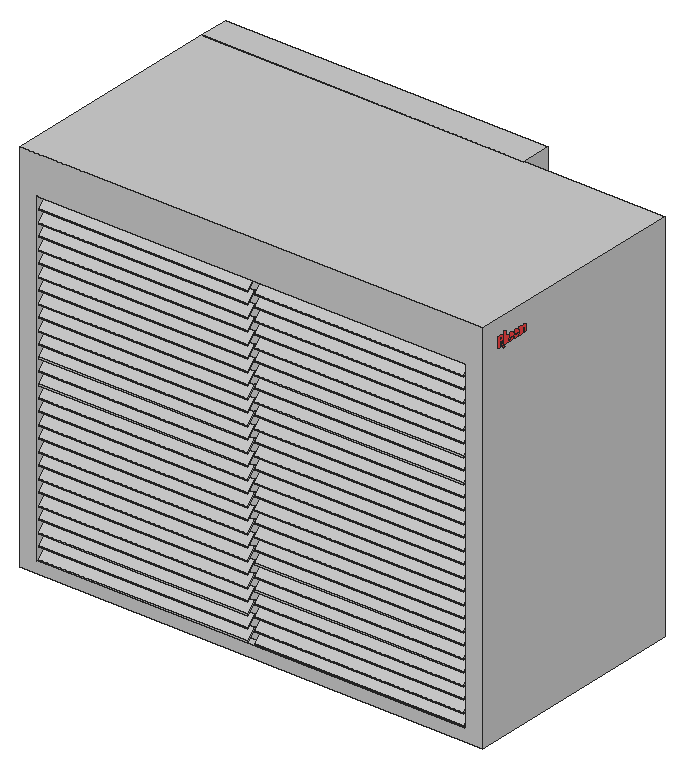
Revit family "DC_Rheem_PLM_HeatPump_952022_Horizontal_12", category Plumbing Fixtures, Revit 2011
Parameters (values of type "Commerical Heat Pump - Ducted")
  Unitheight_ANZRS = 935 mm
  UnitWidth_ANZRS = 565 mm
  UnitDepth_ANZRS [instance] = 1150 mm
  URL = "http://www.rheem.com.au/commercial_product.asp?ProdID=96&cat_id=2\r\n"
  Type Comments = "Output 16 KW @ 20oC/60% RH Recovery 300 L/h  @ 45°C  rise\r\n"
  Materials_ANZRS = Rheem - Joey Grey Steel
  OutletPipeDiameter_ANZRS = OutPipeRadius_ANZRS * 2  # 32 mm
  OutPipeRadius_ANZRS = 16 mm
  Model = "952022\r\n"
  Manufacturer = "Rheem\r\n"
  InletPipeDiameter_ANZRS = InPipeRadius_ANZRS * 2  # 32 mm
  InPipeRadius_ANZRS = 16 mm
  DesignBy_ANZRS = "Design Content ©\r\n"
  Description = "Commerical Heat Pump - Ducted \r\n"
  CondensateDrainPipeDiameter_ANZRS = CDPipeRadius_ANZRS * 2  # 20 mm
  CDPipeRadius_ANZRS = 10 mm
  Author_ANZRS = "DM"
  Assembly Code = ""
Reference planes
  plane 1 "Center (Front/Back)": y = 0
  plane 2: z = 0
  plane 3 "Center (Left/Right)": x = 0
  plane 4 "W1": y = 282.5
  plane 5 "W2": y = -282.5
  plane 6 "W4": x = -575
  plane 7 "W3": x = 575
  plane 8 "CENTER 1": x = -320
  plane 9 "CENTER 2": x = 180
  plane 10: z = 25
  plane 11 "HEIGHT": z = 960
  plane 12 "W11": y = 212.65
  plane 13 "W13": y = 147.65
  plane 14 "W15": y = -212.65
  plane 15 "W14": y = -147.65
  plane 16 "CD1": z = 225
  plane 17 "CD2": z = 555
  plane 18 "CENTER 3": y = -167.65
  plane 19 "w5": x = -545
  plane 20 "W7": x = 545
  plane 21 "H1": z = 53.419
  plane 22 "CENTER 5": y = 180.15
  plane 23 "CENTER 4": y = -180.15
  plane 24: y = -260.438
  plane 25 "W6": x = -527.091
  plane 26 "W9": x = 527.091
  plane 27 "W8": x = 532.091
  plane 28: x = -625
  plane 29: y = 174.5
  plane 30: y = 357.5
  plane 31: z = 30
Forms (mm)
  Extrusion 1, solid, material "Rheem - Joey Grey Steel" <- "Materials_ANZRS"
    sketch origin (0, 0, 0) x (1, 0, 0) y (0, 1, 0)
      loop
        line (-575, 282.5) -> (-575, -260.438) -> (575, -260.438) -> (575, 282.5) -> (-575, 282.5)
    from 25 to 960
  Extrusion 2, solid, material "Rheem - Joey Grey Steel" <- "Materials_ANZRS"
    sketch origin (0, 0, 0) x (0, 1, 0) y (0, 0, 1)
      loop
        circle (-167.65, 555) r 16
      loop
        circle (-167.65, 225) r 16
    from -575 to -625
  Extrusion 3, solid, material "Rheem - Joey Grey Steel" <- "Materials_ANZRS"
    sketch origin (0, 0, 0) x (0, 1, 0) y (0, 0, 1)
      loop
        line (212.65, 0) -> (212.65, 25) -> (147.65, 25) -> (147.65, 0) -> (212.65, 0)
      loop
        line (-147.65, 0) -> (-147.65, 25) -> (-212.65, 25) -> (-212.65, 0) -> (-147.65, 0)
    from -545 to 545
  Extrusion 4, solid, material "Rheem - Joey Grey Steel" <- "Materials_ANZRS"
    sketch origin (0, 0, 0) x (0, 1, 0) y (0, 0, 1)
      loop
        circle (180.15, 53.419) r 10
      loop
        circle (-180.15, 53.419) r 10
    from -575 to -625
  Extrusion 5, solid, material "Rheem - Joey Grey Steel" <- "Materials_ANZRS"
    sketch origin (0, 0, 0) x (0, 1, 0) y (0, 0, 1)
      loop
        line (-260.438, 860.039) -> (-282.5, 837.978) -> (-282.5, 835.579) -> (-260.438, 857.64) -> (-260.438, 860.039)
      loop
        line (-260.438, 830.039) -> (-282.5, 807.978) -> (-282.5, 805.579) -> (-260.438, 827.64) -> (-260.438, 830.039)
      loop
        line (-260.438, 800.039) -> (-282.5, 777.978) -> (-282.5, 775.579) -> (-260.438, 797.64) -> (-260.438, 800.039)
      loop
        line (-260.438, 770.039) -> (-282.5, 747.978) -> (-282.5, 745.579) -> (-260.438, 767.64) -> (-260.438, 770.039)
      loop
        line (-260.438, 740.039) -> (-282.5, 717.978) -> (-282.5, 715.579) -> (-260.438, 737.64) -> (-260.438, 740.039)
      loop
        line (-260.438, 710.039) -> (-282.5, 687.978) -> (-282.5, 685.579) -> (-260.438, 707.64) -> (-260.438, 710.039)
      loop
        line (-260.438, 680.039) -> (-282.5, 657.978) -> (-282.5, 655.579) -> (-260.438, 677.64) -> (-260.438, 680.039)
      loop
        line (-260.438, 650.039) -> (-282.5, 627.978) -> (-282.5, 625.579) -> (-260.438, 647.64) -> (-260.438, 650.039)
      loop
        line (-260.438, 620.039) -> (-282.5, 597.978) -> (-282.5, 595.579) -> (-260.438, 617.64) -> (-260.438, 620.039)
      loop
        line (-260.438, 590.039) -> (-282.5, 567.978) -> (-282.5, 565.579) -> (-260.438, 587.64) -> (-260.438, 590.039)
      loop
        line (-260.438, 560.039) -> (-282.5, 537.978) -> (-282.5, 535.579) -> (-260.438, 557.64) -> (-260.438, 560.039)
      loop
        line (-260.438, 530.039) -> (-282.5, 507.978) -> (-282.5, 505.579) -> (-260.438, 527.64) -> (-260.438, 530.039)
      loop
        line (-260.438, 500.039) -> (-282.5, 477.978) -> (-282.5, 475.579) -> (-260.438, 497.64) -> (-260.438, 500.039)
      loop
        line (-260.438, 470.039) -> (-282.5, 447.978) -> (-282.5, 445.579) -> (-260.438, 467.64) -> (-260.438, 470.039)
      loop
        line (-260.438, 440.039) -> (-282.5, 417.978) -> (-282.5, 415.579) -> (-260.438, 437.64) -> (-260.438, 440.039)
      loop
        line (-260.438, 410.039) -> (-282.5, 387.978) -> (-282.5, 385.579) -> (-260.438, 407.64) -> (-260.438, 410.039)
      loop
        line (-260.438, 380.039) -> (-282.5, 357.978) -> (-282.5, 355.579) -> (-260.438, 377.64) -> (-260.438, 380.039)
      loop
        line (-260.438, 350.039) -> (-282.5, 327.978) -> (-282.5, 325.579) -> (-260.438, 347.64) -> (-260.438, 350.039)
      loop
        line (-260.438, 320.039) -> (-282.5, 297.978) -> (-282.5, 295.579) -> (-260.438, 317.64) -> (-260.438, 320.039)
      loop
        line (-260.438, 290.039) -> (-282.5, 267.978) -> (-282.5, 265.579) -> (-260.438, 287.64) -> (-260.438, 290.039)
      loop
        line (-260.438, 260.039) -> (-282.5, 237.978) -> (-282.5, 235.579) -> (-260.438, 257.64) -> (-260.438, 260.039)
      loop
        line (-260.438, 230.039) -> (-282.5, 207.978) -> (-282.5, 205.579) -> (-260.438, 227.64) -> (-260.438, 230.039)
      loop
        line (-260.438, 200.039) -> (-282.5, 177.978) -> (-282.5, 175.579) -> (-260.438, 197.64) -> (-260.438, 200.039)
      loop
        line (-260.438, 170.039) -> (-282.5, 147.978) -> (-282.5, 145.579) -> (-260.438, 167.64) -> (-260.438, 170.039)
      loop
        line (-260.438, 140.039) -> (-282.5, 117.978) -> (-282.5, 115.579) -> (-260.438, 137.64) -> (-260.438, 140.039)
      loop
        line (-260.438, 110.039) -> (-282.5, 87.978) -> (-282.5, 85.579) -> (-260.438, 107.64) -> (-260.438, 110.039)
      loop
        line (-260.438, 80.039) -> (-282.5, 57.978) -> (-282.5, 55.579) -> (-260.438, 77.64) -> (-260.438, 80.039)
    from -527.091 to -9.296
  Extrusion 6, solid, material "Rheem - Joey Grey Steel" <- "Materials_ANZRS"
    sketch origin (0, 0, 0) x (1, 0, 0) y (0, 0, 1)
      loop
        line (-575, 960) -> (-575, 25) -> (-14.281, 25) -> (575, 25) -> (575, 960) -> (-575, 960)
      loop
        line (-532.091, 53.419) -> (532.091, 53.419) -> (532.091, 865.039) -> (-532.091, 865.039) -> (-532.091, 53.419)
    from 260.438 to 282.5
  Extrusion 7, solid, material "Rheem - Joey Grey Steel" <- "Materials_ANZRS"
    sketch origin (0, 0, 0) x (0, 1, 0) y (0, 0, -1)
      loop
        line (-260.438, -860.039) -> (-260.438, -857.64) -> (-282.5, -835.579) -> (-282.5, -837.978) -> (-260.438, -860.039)
      loop
        line (-260.438, -830.039) -> (-260.438, -827.64) -> (-282.5, -805.579) -> (-282.5, -807.978) -> (-260.438, -830.039)
      loop
        line (-260.438, -800.039) -> (-260.438, -797.64) -> (-282.5, -775.579) -> (-282.5, -777.978) -> (-260.438, -800.039)
      loop
        line (-260.438, -770.039) -> (-260.438, -767.64) -> (-282.5, -745.579) -> (-282.5, -747.978) -> (-260.438, -770.039)
      loop
        line (-260.438, -740.039) -> (-260.438, -737.64) -> (-282.5, -715.579) -> (-282.5, -717.978) -> (-260.438, -740.039)
      loop
        line (-260.438, -710.039) -> (-260.438, -707.64) -> (-282.5, -685.579) -> (-282.5, -687.978) -> (-260.438, -710.039)
      loop
        line (-260.438, -680.039) -> (-260.438, -677.64) -> (-282.5, -655.579) -> (-282.5, -657.978) -> (-260.438, -680.039)
      loop
        line (-260.438, -650.039) -> (-260.438, -647.64) -> (-282.5, -625.579) -> (-282.5, -627.978) -> (-260.438, -650.039)
      loop
        line (-260.438, -620.039) -> (-260.438, -617.64) -> (-282.5, -595.579) -> (-282.5, -597.978) -> (-260.438, -620.039)
      loop
        line (-260.438, -590.039) -> (-260.438, -587.64) -> (-282.5, -565.579) -> (-282.5, -567.978) -> (-260.438, -590.039)
      loop
        line (-260.438, -560.039) -> (-260.438, -557.64) -> (-282.5, -535.579) -> (-282.5, -537.978) -> (-260.438, -560.039)
      loop
        line (-260.438, -530.039) -> (-260.438, -527.64) -> (-282.5, -505.579) -> (-282.5, -507.978) -> (-260.438, -530.039)
      loop
        line (-260.438, -500.039) -> (-260.438, -497.64) -> (-282.5, -475.579) -> (-282.5, -477.978) -> (-260.438, -500.039)
      loop
        line (-260.438, -470.039) -> (-260.438, -467.64) -> (-282.5, -445.579) -> (-282.5, -447.978) -> (-260.438, -470.039)
      loop
        line (-260.438, -440.039) -> (-260.438, -437.64) -> (-282.5, -415.579) -> (-282.5, -417.978) -> (-260.438, -440.039)
      loop
        line (-260.438, -410.039) -> (-260.438, -407.64) -> (-282.5, -385.579) -> (-282.5, -387.978) -> (-260.438, -410.039)
      loop
        line (-260.438, -380.039) -> (-260.438, -377.64) -> (-282.5, -355.579) -> (-282.5, -357.978) -> (-260.438, -380.039)
      loop
        line (-260.438, -350.039) -> (-260.438, -347.64) -> (-282.5, -325.579) -> (-282.5, -327.978) -> (-260.438, -350.039)
      loop
        line (-260.438, -320.039) -> (-260.438, -317.64) -> (-282.5, -295.579) -> (-282.5, -297.978) -> (-260.438, -320.039)
      loop
        line (-260.438, -290.039) -> (-260.438, -287.64) -> (-282.5, -265.579) -> (-282.5, -267.978) -> (-260.438, -290.039)
      loop
        line (-260.438, -260.039) -> (-260.438, -257.64) -> (-282.5, -235.579) -> (-282.5, -237.978) -> (-260.438, -260.039)
      loop
        line (-260.438, -230.039) -> (-260.438, -227.64) -> (-282.5, -205.579) -> (-282.5, -207.978) -> (-260.438, -230.039)
      loop
        line (-260.438, -200.039) -> (-260.438, -197.64) -> (-282.5, -175.579) -> (-282.5, -177.978) -> (-260.438, -200.039)
      loop
        line (-260.438, -170.039) -> (-260.438, -167.64) -> (-282.5, -145.579) -> (-282.5, -147.978) -> (-260.438, -170.039)
      loop
        line (-260.438, -140.039) -> (-260.438, -137.64) -> (-282.5, -115.579) -> (-282.5, -117.978) -> (-260.438, -140.039)
      loop
        line (-260.438, -110.039) -> (-260.438, -107.64) -> (-282.5, -85.579) -> (-282.5, -87.978) -> (-260.438, -110.039)
      loop
        line (-260.438, -80.039) -> (-260.438, -77.64) -> (-282.5, -55.579) -> (-282.5, -57.978) -> (-260.438, -80.039)
    from -527.091 to -9.296
  Extrusion 8, solid, material "Rheem - Joey Grey Steel" <- "Materials_ANZRS"
    sketch origin (575, 0, 960) x (0, 0, -1) y (0, 1, 0)
      loop
        circle (286.023, 174.5) r 0.5
    from 0 to -1
  Extrusion 9, solid, material "Rheem - Joey Grey Steel" <- "Materials_ANZRS"
    sketch origin (575, 0, 960) x (0, 0, -1) y (0, 1, 0)
      loop
        circle (336.023, 174.5) r 0.5
    from 0 to -1
  Extrusion 10, solid, material "Rheem - Joey Grey Steel" <- "Materials_ANZRS"
    sketch origin (575, 0, 960) x (0, 0, -1) y (0, 1, 0)
      loop
        circle (311.023, 174.5) r 0.5
    from 0 to -1
  Extrusion 11, solid, material "Rheem - Joey Grey Steel" <- "Materials_ANZRS"
    sketch origin (575, 0, 960) x (0, 0, -1) y (0, 1, 0)
      loop
        circle (361.023, 174.5) r 0.5
    from 0 to -1
  Extrusion 12, solid, material "Rheem - Joey Grey Steel" <- "Materials_ANZRS"
    sketch origin (0, 0, 960) x (-1, 0, 0) y (0, -1, 0)
      loop
        line (575, -282.5) -> (-225, -282.5) -> (-225, -357.5) -> (575, -357.5) -> (575, -282.5)
    from 0 to -930
Cuts and joins
  joined: Extrusion 1, Extrusion 6
Lines and regions (mm)
  Masking region 1
    outline origin (0, 0, 0) x (1, 0, 0) y (0, 1, 0)
      loop
        line (575, 282.5) -> (-575, 282.5) -> (-575, -282.5) -> (575, -282.5) -> (575, 282.5)
  Masking region 2
    outline origin (0, 0, 0) x (1, 0, 0) y (0, 0, 1)
      loop
        line (-575, 960) -> (-575, 25) -> (-545, 25) -> (-545, 0) -> (545, 0) -> (545, 25) -> (575, 25) -> (575, 960) -> (-575, 960)
  Masking region 3
    outline origin (0, 0, 0) x (0, 1, 0) y (0, 0, 1)
      loop
        line (282.5, 25) -> (282.5, 960) -> (-282.5, 960) -> (-282.5, 25) -> (-212.65, 25) -> (-212.65, 0) -> (-147.65, 0) -> (-147.65, 25) -> (147.65, 25) -> (147.65, 0) -> (212.65, 0) -> (212.65, 25) -> (282.5, 25)
  Masking region 4
    outline origin (0, 0, 0) x (1, 0, 0) y (0, 1, 0)
      loop
        line (-575, 282.5) -> (-575, -282.5) -> (575, -282.5) -> (575, 282.5) -> (-575, 282.5)
  symbolic lines, style "Rheem - Heat Pump", detail levels fine
    curve 1: line (575, 282.5, 0) -> (-575, 282.5, 0)
    curve 2: line (-575, 282.5, 0) -> (-575, -282.5, 0)
    curve 3: line (-575, -282.5, 0) -> (575, -282.5, 0)
    curve 4: line (575, -282.5, 0) -> (575, 282.5, 0)
    curve 5: line (-625, 190.15, 0) -> (-625, 170.15, 0)
    curve 6: line (-625, 170.15, 0) -> (-575, 170.15, 0)
    curve 7: line (-625, 190.15, 0) -> (-575, 190.15, 0)
    curve 8: line (-625, -147.65, 0) -> (-625, -180.15, 0)
    curve 9: line (-625, -180.15, 0) -> (-575, -180.15, 0)
    curve 10: line (-625, -147.65, 0) -> (-575, -147.65, 0)
    curve 80: spline (-239.25, 284.125, 960) -> (-230.886, 283.929, 960) -> (-222.569, 283.441, 960) -> (-214.342, 282.662, 960) -> (-206.244, 281.597, 960) -> (-198.315, 280.252, 960) -> (-190.593, 278.632, 960) -> (-183.118, 276.745, 960) -> (-175.925, 274.602, 960) -> (-169.05, 272.212, 960) -> (-162.527, 269.587, 960) -> (-156.388, 266.74, 960) -> (-150.662, 263.685, 960)
    curve 81: spline (-84.717, 293.021, 960) -> (-85.75, 288.975, 960) -> (-87.825, 285.031, 960) -> (-90.908, 281.256, 960) -> (-94.946, 277.712, 960) -> (-99.871, 274.461, 960) -> (-105.598, 271.558, 960) -> (-112.032, 269.051, 960) -> (-119.063, 266.984, 960) -> (-126.571, 265.391, 960) -> (-134.43, 264.299, 960) -> (-142.506, 263.727, 960) -> (-150.662, 263.685, 960)
    curve 82: line (-84.717, 332.764, 960) -> (-84.717, 293.021, 960)
    curve 83: spline (-110.133, 345.472, 960) -> (-106.816, 345.364, 960) -> (-103.555, 345.039, 960) -> (-100.407, 344.505, 960) -> (-97.425, 343.77, 960) -> (-94.661, 342.846, 960) -> (-92.161, 341.75, 960) -> (-89.969, 340.501, 960) -> (-88.122, 339.118, 960) -> (-86.651, 337.627, 960) -> (-85.583, 336.053, 960) -> (-84.934, 334.423, 960) -> (-84.717, 332.764, 960)
    curve 84: spline (-239.25, 333.487, 960) -> (-234.591, 335.253, 960) -> (-229.751, 336.893, 960) -> (-224.742, 338.401, 960) -> (-219.579, 339.773, 960) -> (-214.277, 341.005, 960) -> (-208.851, 342.094, 960) -> (-203.316, 343.037, 960) -> (-197.689, 343.83, 960) -> (-191.984, 344.472, 960) -> (-186.22, 344.96, 960) -> (-180.411, 345.294, 960) -> (-174.575, 345.472, 960)
    curve 85: line (-239.25, 284.125, 960) -> (-239.25, 347.667, 960)
    curve 86: line (-254.5, 263.792, 960) -> (-239.25, 284.125, 960)
    curve 87: line (-376.5, 263.792, 960) -> (-254.5, 263.792, 960)
    curve 88: line (-391.75, 284.125, 960) -> (-376.5, 263.792, 960)
    curve 89: spline (-480.151, 263.792, 960) -> (-474.427, 266.832, 960) -> (-468.293, 269.664, 960) -> (-461.779, 272.276, 960) -> (-454.915, 274.653, 960) -> (-447.737, 276.785, 960) -> (-440.277, 278.661, 960) -> (-432.575, 280.273, 960) -> (-424.665, 281.611, 960) -> (-416.589, 282.67, 960) -> (-408.384, 283.444, 960) -> (-400.091, 283.93, 960) -> (-391.75, 284.125, 960)
    curve 90: spline (-489.968, 263.792, 960) -> (-497.231, 264.37, 960) -> (-504.309, 265.37, 960) -> (-511.103, 266.778, 960) -> (-517.52, 268.574, 960) -> (-523.472, 270.734, 960) -> (-528.877, 273.228, 960) -> (-533.659, 276.022, 960) -> (-537.754, 279.076, 960) -> (-541.105, 282.35, 960) -> (-543.665, 285.797, 960) -> (-545.399, 289.37, 960) -> (-546.283, 293.021, 960)
    curve 91: line (-489.968, 263.792, 960) -> (-480.151, 263.792, 960)
    curve 92: line (-546.283, 293.021, 960) -> (-546.283, 332.764, 960)
    curve 93: spline (-546.283, 332.764, 960) -> (-546.066, 334.423, 960) -> (-545.417, 336.053, 960) -> (-544.349, 337.627, 960) -> (-542.878, 339.118, 960) -> (-541.031, 340.501, 960) -> (-538.839, 341.75, 960) -> (-536.339, 342.846, 960) -> (-533.575, 343.77, 960) -> (-530.593, 344.505, 960) -> (-527.445, 345.039, 960) -> (-524.184, 345.364, 960) -> (-520.867, 345.472, 960)
    curve 94: spline (-456.425, 345.472, 960) -> (-450.589, 345.294, 960) -> (-444.78, 344.96, 960) -> (-439.016, 344.472, 960) -> (-433.311, 343.83, 960) -> (-427.684, 343.037, 960) -> (-422.149, 342.094, 960) -> (-416.723, 341.005, 960) -> (-411.421, 339.773, 960) -> (-406.258, 338.401, 960) -> (-401.249, 336.893, 960) -> (-396.409, 335.253, 960) -> (-391.75, 333.487, 960)
    curve 95: line (-520.867, 345.472, 960) -> (-456.425, 345.472, 960)
    curve 96: line (-110.133, 345.472, 960) -> (-174.575, 345.472, 960)
    curve 97: line (-391.75, 284.125, 960) -> (-239.25, 284.125, 960)
    curve 98: line (-391.75, 347.667, 960) -> (-391.75, 284.125, 960)
    curve 99: line (-239.25, 347.667, 960) -> (-391.75, 347.667, 960)
    curve 100: line (-376.5, 357.5, 960) -> (-391.75, 347.667, 960)
    curve 101: line (-254.5, 357.5, 960) -> (-376.5, 357.5, 960)
    curve 102: line (-239.25, 347.667, 960) -> (-254.5, 357.5, 960)
    curve 103: line (-114.5, 263.792, 960) -> (7.5, 263.792, 960)
    curve 104: line (-88.462, 284.125, 960) -> (22.75, 284.125, 960)
    curve 105: line (7.5, 263.792, 960) -> (22.75, 284.125, 960)
    curve 106: line (22.75, 284.125, 960) -> (22.75, 347.667, 960)
    curve 107: line (-129.75, 347.667, 960) -> (22.75, 347.667, 960)
    curve 108: line (22.75, 347.667, 960) -> (7.5, 357.5, 960)
    curve 109: spline (22.75, 333.487, 960) -> (27.409, 335.253, 960) -> (32.249, 336.893, 960) -> (37.258, 338.401, 960) -> (42.421, 339.773, 960) -> (47.723, 341.005, 960) -> (53.149, 342.094, 960) -> (58.684, 343.037, 960) -> (64.311, 343.83, 960) -> (70.016, 344.472, 960) -> (75.78, 344.96, 960) -> (81.589, 345.294, 960) -> (87.425, 345.472, 960)
    curve 110: line (151.867, 345.472, 960) -> (87.425, 345.472, 960)
    curve 111: spline (151.867, 345.472, 960) -> (155.184, 345.364, 960) -> (158.445, 345.039, 960) -> (161.593, 344.505, 960) -> (164.575, 343.77, 960) -> (167.339, 342.846, 960) -> (169.839, 341.75, 960) -> (172.031, 340.501, 960) -> (173.878, 339.118, 960) -> (175.349, 337.627, 960) -> (176.417, 336.053, 960) -> (177.066, 334.423, 960) -> (177.283, 332.764, 960)
    curve 112: line (177.283, 332.764, 960) -> (177.283, 293.021, 960)
    curve 113: spline (177.283, 293.021, 960) -> (176.399, 289.37, 960) -> (174.665, 285.797, 960) -> (172.105, 282.35, 960) -> (168.754, 279.076, 960) -> (164.659, 276.022, 960) -> (159.877, 273.228, 960) -> (154.472, 270.734, 960) -> (148.52, 268.574, 960) -> (142.103, 266.778, 960) -> (135.309, 265.37, 960) -> (128.231, 264.37, 960) -> (120.968, 263.792, 960)
    curve 114: spline (22.75, 284.125, 960) -> (31.091, 283.93, 960) -> (39.384, 283.444, 960) -> (47.589, 282.67, 960) -> (55.665, 281.611, 960) -> (63.575, 280.273, 960) -> (71.277, 278.661, 960) -> (78.737, 276.785, 960) -> (85.915, 274.653, 960) -> (92.779, 272.276, 960) -> (99.293, 269.664, 960) -> (105.427, 266.832, 960) -> (111.151, 263.792, 960)
    curve 115: line (120.968, 263.792, 960) -> (111.151, 263.792, 960)
    curve 116: line (-114.5, 263.792, 960) -> (-117.5, 267.792, 960)
    curve 117: line (-129.75, 347.667, 960) -> (-114.5, 357.5, 960)
    curve 118: line (-129.75, 347.667, 960) -> (-129.75, 345.472, 960)
    curve 119: line (-114.5, 357.5, 960) -> (7.5, 357.5, 960)
  symbolic lines, detail levels fine
    curve 11: line (-575, 0, 960) -> (-575, 0, 25)
    curve 12: line (575, 0, 960) -> (-575, 0, 960)
    curve 13: line (575, 0, 25) -> (575, 0, 960)
    curve 14: line (-575, 0, 25) -> (575, 0, 25)
    curve 15: line (-545, 0, 0) -> (545, 0, 0)
    curve 16: line (545, 0, 0) -> (545, 0, 25)
    curve 17: line (-545, 0, 25) -> (-545, 0, 0)
    curve 18: line (-625, 0, 63.419) -> (-625, 0, 43.419)
    curve 19: line (-625, 0, 571) -> (-625, 0, 538.877)
    curve 20: line (-625, 0, 241) -> (-625, 0, 209)
    curve 21: line (-625, 0, 571) -> (-575, 0, 571)
    curve 22: line (-625, 0, 538.877) -> (-575, 0, 538.877)
    curve 23: line (-625, 0, 241) -> (-575, 0, 241)
    curve 24: line (-625, 0, 209) -> (-575, 0, 209)
    curve 25: line (-625, 0, 63.419) -> (-575, 0, 63.419)
    curve 26: line (-625, 0, 43.419) -> (-575, 0, 43.419)
    curve 27: line (0, 282.5, 25) -> (0, 282.5, 960)
    curve 28: line (0, 282.5, 960) -> (0, -282.5, 960)
    curve 29: line (0, -282.5, 960) -> (0, -282.5, 25)
    curve 30: line (0, -282.5, 25) -> (0, 282.5, 25)
    curve 31: line (0, 212.65, 0) -> (0, 212.65, 25)
    curve 32: line (0, 147.65, 0) -> (0, 212.65, 0)
    curve 33: line (0, 147.65, 25) -> (0, 147.65, 0)
    curve 34: line (0, -147.65, 0) -> (0, -147.65, 25)
    curve 35: line (0, -212.65, 0) -> (0, -147.65, 0)
    curve 36: line (0, -212.65, 25) -> (0, -212.65, 0)
    curve 37: arc (0, -170.15, 53.419) -> (0, -180.15, 43.419) -> (0, -190.15, 53.419) r 10
    curve 38: arc (0, -190.15, 53.419) -> (0, -180.15, 63.419) -> (0, -170.15, 53.419) r 10
    curve 39: arc (0, 190.15, 53.419) -> (0, 180.15, 43.419) -> (0, 170.15, 53.419) r 10
    curve 40: arc (0, 170.15, 53.419) -> (0, 180.15, 63.419) -> (0, 190.15, 53.419) r 10
    curve 41: arc (0, -151.65, 225) -> (0, -167.65, 209) -> (0, -183.65, 225) r 16
    curve 42: arc (0, -183.65, 225) -> (0, -167.65, 241) -> (0, -151.65, 225) r 16
    curve 43: arc (0, -151.65, 555) -> (0, -167.65, 539) -> (0, -183.65, 555) r 16
    curve 44: arc (0, -183.65, 555) -> (0, -167.65, 571) -> (0, -151.65, 555) r 16
    curve 45: arc (0, 296.406, 550.722) -> (0, 307.641, 604.96) -> (0, 308.385, 660.345) r 290.723
    curve 46: arc (0, 346.225, 660.345) -> (0, 357.589, 578.531) -> (0, 342.5, 497.321) r 257.845
    curve 47: line (0, 342.5, 497.321) -> (0, 307.775, 497.321)
    curve 48: arc (0, 307.775, 497.321) -> (0, 298.288, 523.212) -> (0, 296.406, 550.722) r 97.782
    curve 49: line (0, 296.406, 889.919) -> (0, 307.775, 943.321)
    curve 50: line (0, 307.775, 943.321) -> (0, 342.5, 943.321)
    curve 51: arc (0, 296.406, 889.919) -> (0, 307.626, 835.814) -> (0, 308.407, 780.562) r 290.723
    curve 52: arc (0, 346.307, 780.562) -> (0, 357.586, 862.25) -> (0, 342.5, 943.321) r 257.845
    curve 53: line (0, 357.5, 771.722) -> (0, 357.5, 669.101)
    curve 54: line (0, 293.67, 771.712) -> (0, 293.67, 669.101)
    curve 55: line (0, 293.67, 669.101) -> (0, 302.426, 660.345)
    curve 56: line (0, 302.519, 660.252) -> (0, 302.519, 780.562)
    curve 57: line (0, 293.67, 771.712) -> (0, 302.519, 780.562)
    curve 58: line (0, 302.519, 780.562) -> (0, 348.66, 780.562)
    curve 59: line (0, 348.66, 780.562) -> (0, 357.5, 771.722)
    curve 60: line (0, 357.5, 669.101) -> (0, 348.743, 660.345)
    curve 61: line (0, 348.743, 660.345) -> (0, 302.426, 660.345)
    curve 62: line (0, 348.66, 780.562) -> (0, 348.66, 660.345)
    curve 63: arc (0, 296.406, 175.722) -> (0, 307.641, 229.96) -> (0, 308.385, 285.345) r 290.723
    curve 64: arc (0, 346.225, 285.345) -> (0, 357.589, 203.531) -> (0, 342.5, 122.321) r 257.845
    curve 65: line (0, 342.5, 122.321) -> (0, 307.775, 122.321)
    curve 66: arc (0, 307.775, 122.321) -> (0, 298.288, 148.212) -> (0, 296.406, 175.722) r 97.782
    curve 67: line (0, 296.406, 514.919) -> (0, 296.873, 531.653)
    curve 68: arc (0, 296.406, 514.919) -> (0, 307.626, 460.814) -> (0, 308.407, 405.562) r 290.723
    curve 69: arc (0, 346.307, 405.562) -> (0, 357.358, 468.807) -> (0, 352.441, 532.821) r 257.845
    curve 70: line (0, 357.5, 396.722) -> (0, 357.5, 294.101)
    curve 71: line (0, 293.67, 396.712) -> (0, 293.67, 294.101)
    curve 72: line (0, 293.67, 294.101) -> (0, 302.519, 285.252)
    curve 73: line (0, 302.519, 285.252) -> (0, 302.519, 405.562)
    curve 74: line (0, 293.67, 396.712) -> (0, 302.519, 405.562)
    curve 75: line (0, 302.519, 405.562) -> (0, 348.66, 405.562)
    curve 76: line (0, 348.66, 405.562) -> (0, 357.5, 396.722)
    curve 77: line (0, 357.5, 294.101) -> (0, 348.743, 285.345)
    curve 78: line (0, 348.743, 285.345) -> (0, 302.426, 285.345)
    curve 79: line (0, 348.66, 405.562) -> (0, 348.66, 285.345)
  model lines, style "Rheem - Heat Pump"
    curve 120: circle (-43.953, 357.5, 695.321) r 244 normal (0, 1, 0)
    curve 121: line (-87.712, 357.5, 755.063) -> (-77.385, 357.5, 873.111)
    curve 122: arc (-77.385, 357.5, 873.111) -> (-60.138, 357.5, 906.241) -> (-24.517, 357.5, 917.472) r 48.8
    curve 123: line (-24.517, 357.5, 917.472) -> (24.097, 357.5, 913.219)
    curve 124: line (24.097, 357.5, 913.219) -> (9.516, 357.5, 746.557)
    curve 125: line (-95.189, 357.5, 748.79) -> (-261.851, 357.5, 763.371)
    curve 126: line (-261.851, 357.5, 763.371) -> (-266.104, 357.5, 714.756)
    curve 127: arc (-266.104, 357.5, 714.756) -> (-254.873, 357.5, 679.135) -> (-221.743, 357.5, 661.889) r 48.8
    curve 128: line (-221.743, 357.5, 661.889) -> (-103.695, 357.5, 651.561)
    curve 129: line (-97.422, 357.5, 644.084) -> (-112.003, 357.5, 482.558)
    curve 130: line (-112.003, 357.5, 482.558) -> (-63.389, 357.5, 478.169)
    curve 131: arc (-63.389, 357.5, 478.169) -> (-27.767, 357.5, 489.401) -> (-10.521, 357.5, 522.53) r 48.8
    curve 132: line (-10.521, 357.5, 522.53) -> (-0.193, 357.5, 635.578)
    curve 133: line (15.79, 357.5, 739.08) -> (133.837, 357.5, 728.752)
    curve 134: arc (133.837, 357.5, 728.752) -> (166.967, 357.5, 711.506) -> (178.199, 357.5, 675.885) r 48.8
    curve 135: line (178.199, 357.5, 675.885) -> (173.945, 357.5, 627.271)
    curve 136: line (173.945, 357.5, 627.271) -> (7.283, 357.5, 641.852)
    curve 137: circle (-43.953, 357.5, 695.321) r 206 normal (0, 1, 0)
    curve 138: circle (-43.953, 357.5, 695.321) r 168 normal (0, 1, 0)
    curve 139: circle (-43.953, 357.5, 695.321) r 130 normal (0, 1, 0)
    curve 140: circle (-43.953, 357.5, 695.321) r 92 normal (0, 1, 0)
    curve 141: circle (-43.953, 357.5, 695.321) r 54 normal (0, 1, 0)
    curve 142: circle (-243.599, 357.5, 527.797) r 4.88 normal (0, 1, 0)
    curve 143: circle (123.57, 357.5, 495.674) r 4.88 normal (0, 1, 0)
    curve 144: line (-5.646, 357.5, 657.26) -> (127.309, 357.5, 498.811)
    curve 145: line (-13.123, 357.5, 650.987) -> (119.832, 357.5, 492.537)
    curve 146: line (-82.013, 357.5, 657.014) -> (-240.463, 357.5, 524.059)
    curve 147: line (-88.287, 357.5, 664.49) -> (-246.736, 357.5, 531.536)
    curve 148: line (-74.783, 357.5, 739.655) -> (-207.738, 357.5, 898.104)
    curve 149: line (-82.26, 357.5, 733.381) -> (-215.214, 357.5, 891.83)
    curve 150: circle (-211.476, 357.5, 894.967) r 4.88 normal (0, 1, 0)
    curve 151: line (-5.893, 357.5, 733.627) -> (152.557, 357.5, 866.582)
    curve 152: line (0.381, 357.5, 726.151) -> (158.83, 357.5, 859.106)
    curve 153: circle (155.694, 357.5, 862.844) r 4.88 normal (0, 1, 0)
    curve 154: circle (-305.953, 357.5, 284.321) r 244 normal (0, 1, 0)
    curve 155: line (-349.712, 357.5, 343.577) -> (-339.385, 357.5, 457.111)
    curve 156: arc (-339.385, 357.5, 457.111) -> (-322.138, 357.5, 490.241) -> (-286.517, 357.5, 501.472) r 48.8
    curve 157: line (-286.517, 357.5, 501.472) -> (-237.903, 357.5, 497.084)
    curve 158: line (-237.903, 357.5, 497.084) -> (-252.484, 357.5, 335.557)
    curve 159: line (-357.189, 357.5, 337.303) -> (-523.851, 357.5, 347.371)
    curve 160: line (-523.851, 357.5, 347.371) -> (-528.104, 357.5, 276.96)
    curve 161: arc (-528.104, 357.5, 276.96) -> (-516.873, 357.5, 241.338) -> (-483.743, 357.5, 224.092) r 48.8
    curve 162: line (-483.743, 357.5, 224.092) -> (-365.695, 357.5, 240.561)
    curve 163: line (-359.422, 357.5, 233.084) -> (-374.003, 357.5, 66.422)
    curve 164: line (-374.003, 357.5, 66.422) -> (-325.389, 357.5, 62.169)
    curve 165: arc (-325.389, 357.5, 62.169) -> (-289.767, 357.5, 73.401) -> (-272.521, 357.5, 106.53) r 48.8
    curve 166: line (-272.521, 357.5, 106.53) -> (-262.193, 357.5, 224.578)
    curve 167: line (-246.21, 357.5, 328.08) -> (-128.163, 357.5, 317.752)
    curve 168: arc (-128.163, 357.5, 317.752) -> (-95.033, 357.5, 300.506) -> (-83.801, 357.5, 264.885) r 48.8
    curve 169: line (-83.801, 357.5, 264.885) -> (-88.055, 357.5, 216.271)
    curve 170: line (-88.055, 357.5, 216.271) -> (-254.717, 357.5, 230.852)
    curve 171: circle (-305.953, 357.5, 284.321) r 206 normal (0, 1, 0)
    curve 172: circle (-305.953, 357.5, 284.321) r 168 normal (0, 1, 0)
    curve 173: circle (-305.953, 357.5, 284.321) r 130 normal (0, 1, 0)
    curve 174: circle (-305.953, 357.5, 284.321) r 92 normal (0, 1, 0)
    curve 175: circle (-305.953, 357.5, 284.321) r 54 normal (0, 1, 0)
    curve 176: circle (-505.599, 357.5, 116.797) r 4.88 normal (0, 1, 0)
    curve 177: circle (-138.43, 357.5, 84.674) r 4.88 normal (0, 1, 0)
    curve 178: line (-267.646, 357.5, 246.26) -> (-134.691, 357.5, 87.811)
    curve 179: line (-275.123, 357.5, 239.987) -> (-142.168, 357.5, 81.537)
    curve 180: line (-344.013, 357.5, 246.014) -> (-502.463, 357.5, 113.059)
    curve 181: line (-350.287, 357.5, 253.49) -> (-508.736, 357.5, 120.536)
    curve 182: line (-336.783, 357.5, 328.655) -> (-469.738, 357.5, 482.104)
    curve 183: line (-344.26, 357.5, 322.381) -> (-477.214, 357.5, 475.83)
    curve 184: circle (-473.476, 357.5, 478.967) r 4.88 normal (0, 1, 0)
    curve 185: line (-267.893, 357.5, 322.627) -> (-109.443, 357.5, 455.582)
    curve 186: line (-261.619, 357.5, 315.151) -> (-103.17, 357.5, 448.106)
    curve 187: circle (-106.306, 357.5, 451.844) r 4.88 normal (0, 1, 0)
Dimensions and locks
  equal spacing: plane 6 "W4", plane 3 "Center (Left/Right)", plane 7 "W3"
  equal spacing: plane 4 "W1", plane 1 "Center (Front/Back)", plane 5 "W2"
  "UnitWidth_ANZRS": plane 4 "W1" to plane 5 "W2"
  "UnitDepth_ANZRS": plane 6 "W4" to plane 7 "W3"
  plane 6 "W4" to plane 8 "CENTER 1" = 255 mm
  plane 9 "CENTER 2" to plane 7 "W3" = 395 mm
  plane 8 "CENTER 1" to plane 9 "CENTER 2" = 500 mm
  "Unitheight_ANZRS": plane 11 "HEIGHT" to plane 10
  plane 10 to level = 25 mm
  plane 12 "W11" to plane 13 "W13" = 65 mm
  plane 15 "W14" to plane 14 "W15" = 65 mm
  plane 16 "CD1" to plane 10 = 200 mm
  plane 17 "CD2" to plane 10 = 530 mm
  locked: plane 19 "w5" to plane 6 "W4" at 30
  locked: plane 7 "W3" to plane 20 "W7" at 30
  plane 28 to plane 19 "w5" = 80 mm
  plane 21 "H1" to level = 53.419 mm
  plane 4 "W1" to plane 5 "W2" = 565 mm
  plane 30 to plane 5 "W2" = 640 mm
  plane 30 to plane 4 "W1" = 75 mm
  Extrusion 12 to Extrusion 12 = 800 mm
  plane 11 "HEIGHT" to plane 31 = 930 mm
  plane 11 "HEIGHT" to plane 10 = 935 mm
  "OutPipeRadius_ANZRS": radius of Extrusion 2 sketch curve
  "InPipeRadius_ANZRS": radius of Extrusion 2 sketch curve
  "CDPipeRadius_ANZRS": radius of Extrusion 4 sketch curve  (x2)
  aligned and locked: level to plane 2
  aligned and locked: Extrusion 1 sketch curve to plane 4 "W1"
  aligned and locked: Extrusion 1 sketch curve to plane 6 "W4"
  aligned and locked: Extrusion 1 sketch curve to plane 7 "W3"
  aligned and locked: plane 11 "HEIGHT" to Extrusion 1
  aligned and locked: Extrusion 1 to plane 10
  aligned and locked: plane 17 "CD2" to Extrusion 2 sketch curve
  aligned and locked: plane 18 "CENTER 3" to Extrusion 2 sketch curve  (x2)
  aligned and locked: plane 16 "CD1" to Extrusion 2 sketch curve
  aligned: Extrusion 2 to plane 7 "W3"
  aligned and locked: level to Extrusion 3 sketch curve  (x2)
  aligned and locked: plane 12 "W11" to Extrusion 3 sketch curve
  aligned and locked: Extrusion 3 sketch curve to plane 10  (x2)
  aligned and locked: Extrusion 3 sketch curve to plane 13 "W13"
  aligned and locked: Extrusion 3 sketch curve to plane 15 "W14"
  aligned and locked: plane 14 "W15" to Extrusion 3 sketch curve
  aligned and locked: Extrusion 3 to plane 19 "w5"
  aligned and locked: Extrusion 3 to plane 20 "W7"
  aligned and locked: plane 22 "CENTER 5" to Extrusion 4 sketch curve
  aligned and locked: plane 21 "H1" to Extrusion 4 sketch curve  (x2)
  aligned and locked: plane 23 "CENTER 4" to Extrusion 4 sketch curve
  aligned and locked: Extrusion 4 to Extrusion 2
  aligned: Extrusion 4 to plane 7 "W3"
  aligned and locked: plane 5 "W2" to Extrusion 6
  aligned and locked: plane 26 "W9" to Extrusion 7
  aligned and locked: Extrusion 6 to plane 27 "W8"
  aligned and locked: Extrusion 6 sketch curve to plane 21 "H1"
  aligned and locked: Extrusion 2 to plane 6 "W4"
  aligned and locked: plane 28 to Extrusion 2
  aligned and locked: Extrusion 4 to plane 6 "W4"
  aligned and locked: plane 28 to Extrusion 4
  aligned and locked: curve 1 to cut or joined group of Extrusion 1, Extrusion 6
  aligned and locked: cut or joined group of Extrusion 1, Extrusion 6 to curve 2
  aligned and locked: curve 3 to cut or joined group of Extrusion 1, Extrusion 6
  aligned and locked: curve 4 to cut or joined group of Extrusion 1, Extrusion 6
  aligned and locked: curve 11 to cut or joined group of Extrusion 1, Extrusion 6
  aligned and locked: curve 12 to cut or joined group of Extrusion 1, Extrusion 6
  aligned and locked: curve 13 to cut or joined group of Extrusion 1, Extrusion 6
  aligned and locked: curve 14 to cut or joined group of Extrusion 1, Extrusion 6
  aligned and locked: curve 18 to Extrusion 4
  aligned and locked: curve 19 to Extrusion 2
  aligned and locked: Masking region 1 sketch curve to curve 1
  aligned and locked: Masking region 1 sketch curve to curve 4
  aligned and locked: Masking region 1 sketch curve to curve 3
  aligned and locked: Masking region 1 sketch curve to curve 2
  aligned and locked: Masking region 2 sketch curve to curve 12
  aligned and locked: Masking region 2 sketch curve to curve 11
  aligned and locked: Masking region 2 sketch curve to curve 14
  aligned and locked: Masking region 2 sketch curve to curve 13
  aligned and locked: Masking region 2 sketch curve to curve 15
  aligned and locked: Masking region 2 sketch curve to curve 17
  aligned and locked: Masking region 2 sketch curve to curve 16
  aligned and locked: curve 27 to cut or joined group of Extrusion 1, Extrusion 6
  aligned and locked: cut or joined group of Extrusion 1, Extrusion 6 to curve 28
  aligned and locked: curve 29 to cut or joined group of Extrusion 1, Extrusion 6
  aligned and locked: curve 30 to cut or joined group of Extrusion 1, Extrusion 6
  aligned and locked: curve 37 to Extrusion 4
  aligned and locked: curve 38 to Extrusion 4
  aligned and locked: curve 39 to Extrusion 4
  aligned and locked: curve 40 to Extrusion 4
  aligned and locked: curve 41 to Extrusion 2
  aligned and locked: curve 42 to Extrusion 2
  aligned and locked: curve 43 to Extrusion 2
  aligned and locked: curve 44 to Extrusion 2
  aligned and locked: Masking region 3 sketch curve to curve 27
  aligned and locked: Masking region 3 sketch curve to curve 28
  aligned and locked: Masking region 3 sketch curve to curve 29
  aligned and locked: Masking region 3 sketch curve to curve 32
  aligned and locked: Masking region 3 sketch curve to curve 31
  aligned and locked: Masking region 3 sketch curve to curve 33
  aligned and locked: Masking region 3 sketch curve to curve 34
  aligned and locked: Masking region 3 sketch curve to curve 35
  aligned and locked: Masking region 3 sketch curve to curve 36
  aligned and locked: Masking region 3 sketch curve to curve 30
  aligned and locked: Masking region 4 sketch curve to curve 1
  aligned and locked: Masking region 4 sketch curve to curve 2
  aligned and locked: Masking region 4 sketch curve to curve 3
  aligned and locked: Masking region 4 sketch curve to curve 4
  aligned and locked: Extrusion 12 to plane 31
Automatic sketch dimensions
  curve 30 to plane 5 "W2" = 0 mm
  curve 36 to plane 10 = 0 mm
  curve 36 to plane 14 "W15" = 0 mm
  curve 34 to level = 0 mm
  curve 34 to plane 15 "W14" = 0 mm
  curve 33 to level = 0 mm
  curve 33 to plane 13 "W13" = 0 mm
  curve 31 to plane 12 "W11" = 0 mm
  curve 27 to plane 4 "W1" = 0 mm
  curve 60 to plane 30 = 0 mm
  curve 76 to plane 30 = 0 mm
  curve 27 to plane 11 "HEIGHT" = 0 mm
  curve 68 to plane 1 "Center (Front/Back)" = 18.639 mm
  curve 63 to plane 1 "Center (Front/Back)" = 18.639 mm
  curve 45 to plane 1 "Center (Front/Back)" = 18.639 mm
  curve 51 to plane 1 "Center (Front/Back)" = 18.639 mm
  curve 64 to plane 16 "CD1" = 15.579 mm
  plane 13 "W13" to curve 64 = 47.839 mm
  plane 17 "CD2" to curve 46 = 29.421 mm
  plane 13 "W13" to curve 46 = 47.839 mm
  plane 13 "W13" to curve 52 = 47.839 mm
  plane 13 "W13" to curve 69 = 47.839 mm
  plane 4 "W1" to curve 72 = 11.17 mm
  plane 4 "W1" to curve 54 = 11.17 mm
  curve 45 to plane 17 "CD2" = 4.278 mm
  plane 4 "W1" to curve 45 = 13.906 mm
  plane 4 "W1" to curve 68 = 13.906 mm
  plane 4 "W1" to curve 49 = 13.906 mm
  plane 4 "W1" to curve 66 = 13.906 mm
  plane 4 "W1" to curve 67 = 14.373 mm
  curve 71 to curve 78 = 8.757 mm
  curve 54 to curve 55 = 8.757 mm
  curve 55 to curve 56 = 0.093 mm
  curve 78 to curve 73 = 0.093 mm
  plane 4 "W1" to curve 66 = 25.275 mm
  curve 49 to plane 11 "HEIGHT" = 16.679 mm
  plane 4 "W1" to curve 49 = 25.275 mm
  curve 67 to curve 47 = 11.369 mm
  curve 72 to curve 63 = 5.866 mm
  curve 56 to curve 45 = 5.866 mm
  curve 56 to curve 51 = 5.888 mm
  curve 73 to curve 68 = 5.888 mm
  curve 65 to plane 30 = 15 mm
  curve 50 to plane 30 = 15 mm
  curve 46 to plane 30 = 15 mm
  curve 64 to plane 30 = 11.275 mm
  curve 46 to plane 30 = 11.275 mm
  curve 69 to plane 30 = 11.193 mm
  curve 52 to plane 30 = 11.193 mm
  curve 52 to curve 59 = 2.354 mm
  curve 64 to curve 79 = 2.435 mm
  curve 79 to curve 78 = 0.083 mm
  curve 62 to curve 60 = 0.083 mm
  curve 69 to plane 30 = 5.059 mm
  plane 30 to curve 48 = 36.426 mm
  plane 30 to curve 66 = 36.426 mm
  plane 21 "H1" to curve 65 = 68.902 mm
  curve 64 to curve 66 = 46.252 mm
  curve 73 to curve 78 = 0.093 mm
  curve 77 to curve 77 = 8.757 mm
  curve 78 to curve 71 = 8.757 mm
  curve 71 to curve 71 = 102.611 mm
  curve 71 to curve 70 = 0.01 mm
  curve 71 to curve 75 = 8.849 mm
  curve 68 to plane 17 "CD2" = 125.9 mm
  curve 69 to plane 17 "CD2" = 73.779 mm
  curve 56 to curve 55 = 0.093 mm
  curve 55 to curve 55 = 8.757 mm
  curve 60 to curve 53 = 8.757 mm
  curve 54 to curve 57 = 102.611 mm
  curve 54 to curve 59 = 0.01 mm
  curve 53 to curve 59 = 8.84 mm
  curve 51 to curve 52 = 52.121 mm
  plane 28 to curve 19 = 0 mm
  plane 28 to curve 20 = 0 mm
  plane 28 to curve 26 = 0 mm
  plane 6 "W4" to curve 23 = 0 mm
  curve 17 to plane 10 = 0 mm
  curve 17 to plane 19 "w5" = 0 mm
  plane 20 "W7" to curve 16 = 0 mm
  curve 13 to plane 7 "W3" = 0 mm
  curve 15 to level = 0 mm
  curve 12 to plane 11 "HEIGHT" = 0 mm
  curve 26 to plane 21 "H1" = 10 mm
  plane 21 "H1" to curve 18 = 10 mm
  curve 24 to plane 16 "CD1" = 16 mm
  plane 16 "CD1" to curve 23 = 16 mm
  curve 22 to plane 17 "CD2" = 16.123 mm
  plane 17 "CD2" to curve 21 = 16 mm
  curve 6 to plane 28 = 0 mm
  curve 8 to plane 15 "W14" = 0 mm
  curve 8 to plane 28 = 0 mm
  plane 5 "W2" to curve 3 = 0 mm
  curve 3 to plane 6 "W4" = 0 mm
  curve 4 to plane 7 "W3" = 0 mm
  plane 23 "CENTER 4" to curve 8 = 0 mm
  curve 2 to plane 4 "W1" = 0 mm
  curve 6 to plane 29 = 4.35 mm
  plane 22 "CENTER 5" to curve 7 = 10 mm
  Extrusion 1 sketch curve to plane 24 = 0 mm
  Extrusion 5 sketch curve to plane 5 "W2" = 0 mm  (x27)
  Extrusion 5 sketch curve to plane 24 = 0 mm  (x27)
  plane 21 "H1" to Extrusion 5 sketch curve = 2.159 mm
  Extrusion 5 sketch curve to Extrusion 5 sketch curve = 2.399 mm  (x54)
  plane 21 "H1" to Extrusion 5 sketch curve = 24.221 mm
  Extrusion 5 sketch curve to Extrusion 5 sketch curve = 5.539 mm  (x22)
  Extrusion 5 sketch curve to Extrusion 5 sketch curve = 27.601 mm  (x22)
  Extrusion 5 sketch curve to plane 16 "CD1" = 27.36 mm
  Extrusion 5 sketch curve to plane 16 "CD1" = 19.421 mm
  plane 16 "CD1" to Extrusion 5 sketch curve = 2.64 mm
  plane 16 "CD1" to Extrusion 5 sketch curve = 10.579 mm
  Extrusion 5 sketch curve to plane 17 "CD2" = 27.36 mm
  Extrusion 5 sketch curve to plane 17 "CD2" = 19.421 mm
  plane 17 "CD2" to Extrusion 5 sketch curve = 2.64 mm
  plane 17 "CD2" to Extrusion 5 sketch curve = 10.579 mm
  plane 6 "W4" to Extrusion 6 sketch curve = 0 mm
  Extrusion 6 sketch curve to plane 10 = 0 mm
  Extrusion 6 sketch curve to plane 27 "W8" = 0 mm
  Extrusion 6 sketch curve to plane 7 "W3" = 0 mm
  Extrusion 6 sketch curve to plane 11 "HEIGHT" = 0 mm
  Extrusion 6 sketch curve to plane 25 "W6" = 5 mm
  Extrusion 6 sketch curve to plane 3 "Center (Left/Right)" = 14.281 mm
  Extrusion 6 sketch curve to plane 11 "HEIGHT" = 94.961 mm
  Extrusion 7 sketch curve to plane 5 "W2" = 0 mm  (x27)
  Extrusion 7 sketch curve to plane 24 = 0 mm  (x27)
  Extrusion 7 sketch curve to plane 11 "HEIGHT" = 99.961 mm
  Extrusion 7 sketch curve to Extrusion 7 sketch curve = 2.399 mm  (x53)
  Extrusion 7 sketch curve to Extrusion 7 sketch curve = 19.662 mm
  Extrusion 7 sketch curve to Extrusion 7 sketch curve = 5.539 mm  (x24)
  Extrusion 7 sketch curve to Extrusion 7 sketch curve = 27.601 mm  (x21)
  plane 17 "CD2" to Extrusion 7 sketch curve = 12.978 mm
  plane 17 "CD2" to Extrusion 7 sketch curve = 5.039 mm
  Extrusion 7 sketch curve to plane 17 "CD2" = 17.022 mm
  plane 16 "CD1" to Extrusion 7 sketch curve = 12.978 mm
  plane 16 "CD1" to Extrusion 7 sketch curve = 5.039 mm
  Extrusion 7 sketch curve to plane 16 "CD1" = 17.022 mm
  plane 21 "H1" to Extrusion 7 sketch curve = 4.558 mm
  plane 21 "H1" to Extrusion 7 sketch curve = 2.159 mm
  Masking region 2 sketch curve to plane 10 = 0 mm
  Masking region 3 sketch curve to plane 10 = 0 mm  (x2)
  Extrusion 6 to Extrusion 8 sketch curve = 286.023 mm
  Extrusion 8 sketch curve to Extrusion 6 = 434.938 mm
  Extrusion 6 to Extrusion 9 sketch curve = 336.023 mm
  Extrusion 9 sketch curve to Extrusion 6 = 434.938 mm
  Extrusion 6 to Extrusion 10 sketch curve = 311.023 mm
  Extrusion 10 sketch curve to Extrusion 6 = 434.938 mm
  Extrusion 6 to Extrusion 11 sketch curve = 361.023 mm
  Extrusion 11 sketch curve to Extrusion 6 = 434.938 mm
  curve 108 to plane 30 = 0 mm
  curve 101 to plane 30 = 0 mm
  plane 4 "W1" to curve 109 = 8.292 mm
  plane 9 "CENTER 2" to curve 109 = 20.604 mm
  curve 111 to plane 9 "CENTER 2" = 2.717 mm
  curve 111 to plane 30 = 12.028 mm
  curve 111 to plane 9 "CENTER 2" = 28.133 mm
  curve 113 to plane 4 "W1" = 18.708 mm
  curve 113 to plane 9 "CENTER 2" = 59.032 mm
  plane 4 "W1" to curve 113 = 12.456 mm
  curve 115 to curve 113 = 6.201 mm
  curve 113 to curve 114 = 9.818 mm
  curve 113 to curve 109 = 23.589 mm
  curve 111 to curve 109 = 39.025 mm
  curve 109 to curve 113 = 39.047 mm
  plane 4 "W1" to curve 106 = 1.625 mm
  plane 3 "Center (Left/Right)" to curve 106 = 22.75 mm
  curve 114 to plane 12 "W11" = 11.735 mm
  plane 3 "Center (Left/Right)" to curve 114 = 21.34 mm
  plane 3 "Center (Left/Right)" to curve 108 = 7.5 mm
  plane 3 "Center (Left/Right)" to curve 103 = 7.5 mm
  plane 4 "W1" to curve 84 = 8.292 mm
  curve 84 to plane 3 "Center (Left/Right)" = 61.396 mm
  plane 4 "W1" to curve 81 = 10.521 mm
  curve 84 to curve 81 = 23.32 mm
  curve 81 to curve 104 = 3.745 mm
  curve 83 to plane 30 = 12.028 mm
  curve 82 to curve 83 = 25.417 mm
  curve 116 to plane 4 "W1" = 18.708 mm
  curve 104 to curve 116 = 26.038 mm
  curve 96 to curve 117 = 4.367 mm
  curve 116 to plane 4 "W1" = 14.708 mm
  curve 103 to curve 116 = 3 mm
  curve 118 to curve 83 = 5.8 mm
  curve 83 to curve 81 = 11.683 mm
  curve 81 to curve 80 = 3.429 mm
  curve 81 to curve 84 = 23.589 mm
  curve 83 to curve 96 = 39.025 mm
  plane 4 "W1" to curve 81 = 12.456 mm
  curve 99 to plane 30 = 9.833 mm
  curve 81 to curve 99 = 29.381 mm
  curve 80 to plane 12 "W11" = 11.735 mm
  curve 85 to curve 80 = 1.41 mm
  curve 85 to curve 87 = 15.25 mm
  curve 85 to curve 101 = 15.25 mm
  curve 80 to curve 89 = 30.192 mm  (x2)
  curve 80 to plane 8 "CENTER 1" = 40.148 mm
  curve 88 to plane 4 "W1" = 18.708 mm
  curve 80 to curve 88 = 16.352 mm
  curve 101 to plane 8 "CENTER 1" = 56.5 mm
  curve 89 to plane 12 "W11" = 11.735 mm
  curve 87 to curve 97 = 15.25 mm
  curve 94 to plane 30 = 12.028 mm
  curve 98 to curve 94 = 64.675 mm
  plane 4 "W1" to curve 94 = 8.292 mm
  curve 95 to curve 94 = 3.754 mm
  curve 91 to plane 4 "W1" = 18.708 mm
  curve 94 to curve 90 = 23.589 mm
  curve 89 to curve 90 = 9.818 mm
  plane 25 "W6" to curve 93 = 6.224 mm
  curve 93 to plane 19 "w5" = 1.283 mm
  curve 90 to plane 19 "w5" = 1.403 mm
  curve 94 to plane 6 "W4" = 5.396 mm
  curve 106 to plane 30 = 9.833 mm
  curve 118 to curve 83 = 12.708 mm
  curve 92 to plane 30 = 24.736 mm
  curve 112 to plane 30 = 24.736 mm
  plane 4 "W1" to curve 90 = 12.456 mm
  Extrusion 12 sketch curve to plane 4 "W1" = 0 mm
  Extrusion 12 sketch curve to plane 30 = 0 mm
  Extrusion 12 sketch curve to plane 6 "W4" = 0 mm
  plane 9 "CENTER 2" to Extrusion 12 sketch curve = 45 mm
  curve 120 to curve 137 = 0 mm  (x2)
  curve 120 to curve 138 = 0 mm  (x2)
  curve 120 to curve 139 = 0 mm  (x2)
  curve 120 to curve 140 = 0 mm  (x2)
  curve 120 to curve 141 = 0 mm  (x2)
  curve 137 to curve 138 = 0 mm  (x2)
  curve 137 to curve 139 = 0 mm  (x2)
  curve 137 to curve 140 = 0 mm  (x2)
  curve 137 to curve 141 = 0 mm  (x2)
  curve 138 to curve 139 = 0 mm  (x2)
  curve 138 to curve 140 = 0 mm  (x2)
  curve 138 to curve 141 = 0 mm  (x2)
  curve 139 to curve 140 = 0 mm  (x2)
  curve 139 to curve 141 = 0 mm  (x2)
  curve 140 to curve 141 = 0 mm  (x2)
  curve 154 to curve 171 = 0 mm  (x2)
  curve 154 to curve 172 = 0 mm  (x2)
  curve 154 to curve 173 = 0 mm  (x2)
  curve 154 to curve 174 = 0 mm  (x2)
  curve 154 to curve 175 = 0 mm  (x2)
  curve 171 to curve 172 = 0 mm  (x2)
  curve 171 to curve 173 = 0 mm  (x2)
  curve 171 to curve 174 = 0 mm  (x2)
  curve 171 to curve 175 = 0 mm  (x2)
  curve 172 to curve 173 = 0 mm  (x2)
  curve 172 to curve 174 = 0 mm  (x2)
  curve 172 to curve 175 = 0 mm  (x2)
  curve 173 to curve 174 = 0 mm  (x2)
  curve 173 to curve 175 = 0 mm  (x2)
  curve 174 to curve 175 = 0 mm  (x2)
  Extrusion 12 to curve 161 = 46.896 mm
  Extrusion 12 to curve 159 = 51.149 mm
  Extrusion 12 to curve 181 = 66.264 mm
  curve 181 to curve 176 = 3.137 mm
  curve 176 to curve 180 = 3.137 mm
  curve 160 to curve 161 = 44.361 mm
  curve 162 to curve 161 = 4.253 mm
  Extrusion 12 to curve 183 = 97.786 mm
  curve 183 to curve 184 = 3.738 mm
  curve 184 to curve 182 = 3.738 mm
  Extrusion 12 to curve 163 = 36.422 mm
  curve 180 to curve 163 = 128.46 mm
  curve 161 to curve 162 = 118.048 mm
  curve 162 to curve 163 = 6.274 mm
  curve 162 to curve 159 = 8.506 mm
  curve 162 to curve 181 = 15.409 mm
  curve 159 to curve 155 = 7.477 mm
  curve 159 to curve 183 = 12.929 mm
  curve 181 to curve 180 = 6.274 mm
  curve 155 to curve 156 = 10.328 mm
  curve 183 to curve 182 = 7.477 mm
  Extrusion 12 to curve 165 = 32.169 mm
  curve 163 to curve 165 = 48.614 mm
  curve 165 to curve 165 = 4.253 mm
  curve 183 to curve 175 = 38.307 mm
  curve 155 to curve 156 = 48.614 mm
  curve 156 to curve 157 = 4.253 mm
  Extrusion 12 to curve 179 = 209.987 mm
  curve 154 to curve 179 = 30.83 mm
  Extrusion 12 to curve 166 = 76.53 mm
  curve 165 to curve 166 = 48.614 mm
  curve 154 to curve 185 = 38.06 mm
  Extrusion 12 to curve 178 = 216.26 mm
  curve 179 to curve 178 = 7.477 mm
  Extrusion 12 to curve 126 = 245.244 mm
  curve 157 to curve 126 = 20.413 mm
  Extrusion 12 to curve 166 = 194.578 mm
  curve 179 to curve 166 = 12.929 mm
  Extrusion 12 to curve 125 = 196.629 mm
  curve 127 to curve 125 = 4.253 mm
  Extrusion 12 to curve 186 = 285.151 mm
  Extrusion 12 to curve 170 = 200.852 mm
  curve 166 to curve 170 = 7.477 mm
  Extrusion 12 to curve 158 = 305.557 mm
  curve 185 to curve 158 = 15.409 mm
  curve 156 to curve 147 = 39.781 mm
  Extrusion 12 to curve 167 = 298.08 mm
  curve 158 to curve 167 = 6.274 mm
  curve 147 to curve 142 = 3.137 mm
  curve 142 to curve 146 = 3.137 mm
  curve 146 to curve 157 = 2.56 mm
  curve 126 to curve 128 = 44.361 mm
  curve 126 to curve 127 = 48.614 mm
  Extrusion 12 to curve 149 = 68.17 mm
  curve 126 to curve 149 = 46.637 mm
  curve 149 to curve 150 = 3.738 mm
  Extrusion 12 to curve 148 = 61.896 mm
  curve 150 to curve 148 = 3.738 mm
  Extrusion 12 to curve 179 = 51.537 mm
  curve 179 to curve 177 = 3.738 mm
  Extrusion 12 to curve 178 = 57.811 mm
  curve 167 to curve 168 = 113.795 mm
  curve 168 to curve 168 = 4.253 mm
  curve 157 to curve 130 = 125.9 mm
  curve 130 to curve 185 = 2.56 mm
  curve 185 to curve 187 = 3.137 mm
  curve 127 to curve 128 = 118.048 mm
  curve 187 to curve 186 = 3.137 mm
  curve 128 to curve 129 = 6.274 mm
  Extrusion 12 to curve 125 = 211.21 mm
  curve 128 to curve 147 = 15.409 mm
  curve 168 to curve 170 = 44.361 mm
  curve 125 to curve 121 = 7.477 mm
  Extrusion 12 to curve 169 = 234.885 mm
  curve 168 to curve 169 = 48.614 mm
  Extrusion 12 to curve 149 = 226.619 mm
  curve 147 to curve 146 = 6.274 mm
  Extrusion 12 to curve 121 = 86.889 mm
  curve 121 to curve 121 = 10.328 mm
  Extrusion 12 to curve 148 = 220.345 mm
  curve 149 to curve 148 = 7.477 mm
  curve 130 to curve 131 = 48.614 mm
  curve 131 to curve 131 = 4.253 mm  (x2)
  curve 146 to curve 139 = 38.06 mm
  curve 121 to curve 122 = 48.614 mm
  curve 122 to curve 122 = 4.253 mm
  curve 120 to curve 145 = 30.83 mm
  curve 131 to curve 131 = 48.614 mm
  Extrusion 12 to curve 151 = 226.373 mm
  curve 145 to curve 144 = 7.477 mm
  curve 145 to curve 132 = 12.929 mm
  curve 151 to curve 152 = 6.274 mm
  curve 132 to curve 136 = 7.477 mm
  Extrusion 12 to curve 124 = 213.443 mm
  curve 151 to curve 124 = 15.409 mm
  curve 124 to curve 133 = 6.274 mm
  Extrusion 12 to curve 123 = 46.781 mm
  curve 122 to curve 123 = 48.614 mm
  Extrusion 12 to curve 145 = 105.168 mm
  curve 145 to curve 143 = 3.738 mm
  curve 143 to curve 144 = 3.738 mm
  Extrusion 12 to curve 134 = 95.416 mm
  curve 134 to curve 134 = 4.253 mm
  Extrusion 12 to curve 151 = 72.443 mm
  curve 151 to curve 153 = 3.137 mm
  curve 153 to curve 152 = 3.137 mm
  Extrusion 12 to curve 136 = 51.055 mm
  curve 134 to curve 135 = 48.614 mm
  curve 151 to curve 153 = 3.738 mm
  curve 133 to curve 134 = 10.328 mm
  curve 126 to curve 127 = 4.253 mm
  curve 133 to curve 134 = 48.614 mm
  curve 147 to curve 128 = 12.929 mm
  curve 128 to curve 129 = 7.477 mm
  curve 144 to curve 136 = 15.409 mm
  curve 136 to curve 132 = 6.274 mm
  curve 131 to curve 185 = 71.201 mm
  curve 147 to curve 156 = 30.064 mm
  curve 157 to curve 182 = 19.368 mm
  curve 182 to curve 184 = 3.137 mm
  curve 156 to curve 155 = 44.361 mm
  curve 183 to curve 159 = 128.46 mm
  curve 167 to curve 169 = 52.868 mm
  curve 160 to curve 161 = 4.253 mm
  curve 162 to curve 163 = 7.477 mm
  radius of Extrusion 8 sketch curve = 0.5 mm
  radius of Extrusion 9 sketch curve = 0.5 mm
  radius of Extrusion 10 sketch curve = 0.5 mm
  radius of Extrusion 11 sketch curve = 0.5 mm
  radius of curve 120 = 244 mm
  radius of curve 137 = 206 mm
  radius of curve 138 = 168 mm
  radius of curve 139 = 130 mm
  radius of curve 140 = 92 mm
  radius of curve 154 = 244 mm
  radius of curve 171 = 206 mm
  radius of curve 172 = 168 mm
  radius of curve 173 = 130 mm
  radius of curve 174 = 92 mm
Nested families
  nested 1: "Rheem Logo" at (575, -195.438, 895.039) x (0, 1, 0) z (1, 0, 0), type "Rheem Logo", detail levels medium+fine
Connectors
  piping at (-625, 180.15, 53.419), driven by "CDPipeRadius_ANZRS"
    settings: on Extrusion 4, index 1, connector radius 10 mm, flow factor 0, pipe flow 0.0 L/s, pressure drop 0.0 Pa, fitting loss kfactor 0, connector angle 0.00°, fixture units 0, engagement length 0 mm, flow configuration 1, flow direction 1, fitting loss method 0, system type 22, joint type 0, gender type 0, connector reference index -1, connector utility 0, adjustable connector no, is connector primary yes, fitting loss table "", connector description ""
  piping at (-625, -180.15, 53.419), driven by "CDPipeRadius_ANZRS"
    settings: on Extrusion 4, index 2, connector radius 10 mm, flow factor 0, pipe flow 0.0 L/s, pressure drop 0.0 Pa, fitting loss kfactor 0, connector angle 0.00°, fixture units 0, engagement length 0 mm, flow configuration 1, flow direction 1, fitting loss method 0, system type 16, joint type 0, gender type 0, connector reference index -1, connector utility 0, adjustable connector no, is connector primary no, fitting loss table "", connector description ""
  piping at (-625, -167.65, 225), driven by "InPipeRadius_ANZRS"
    settings: on Extrusion 2, index 3, connector radius 16 mm, flow factor 0, pipe flow 0.0 L/s, pressure drop 0.0 Pa, fitting loss kfactor 0, connector angle 0.00°, fixture units 0, engagement length 0 mm, flow configuration 1, flow direction 1, fitting loss method 0, system type 20, joint type 0, gender type 0, connector reference index -1, connector utility 0, adjustable connector no, is connector primary no, fitting loss table "", connector description ""
  piping at (-625, -167.65, 555), driven by "OutPipeRadius_ANZRS"
    settings: on Extrusion 2, index 4, connector radius 16 mm, flow factor 0, pipe flow 0.0 L/s, pressure drop 0.0 Pa, fitting loss kfactor 0, connector angle 0.00°, fixture units 0, engagement length 0 mm, flow configuration 1, flow direction 2, fitting loss method 0, system type 19, joint type 0, gender type 0, connector reference index -1, connector utility 0, adjustable connector no, is connector primary no, fitting loss table "", connector description ""
  electrical at (575, 174.5, 673.977)
    settings: on Extrusion 8, index 5, voltage 0 V, apparent load 0 VA, apparent load phase1 0 VA, apparent load phase2 0 VA, apparent load phase3 0 VA, power factor 1, load classification "Other", number of poles 1, system type 30, power factor state 1, is connector primary yes, connector utility no, sub classification motor no, connector description ""
